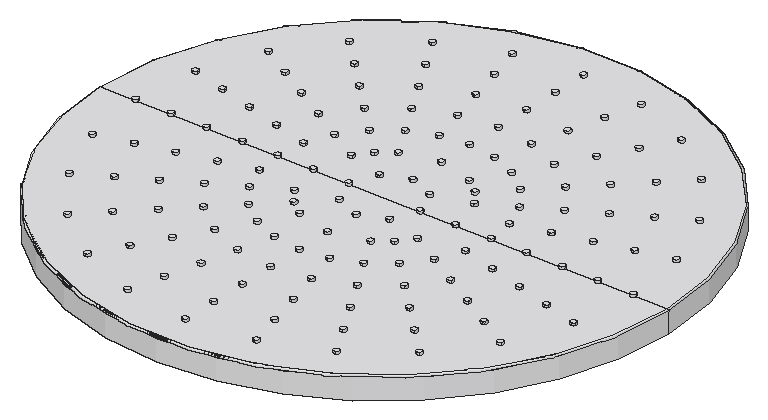
Revit family "Shower-Showerhead-KOHLER-Katalyst-13690W", category Plumbing Fixtures, host Face, Revit 2017 (continued)
Definition of nested family "13690W"
  Lines and regions (in)
    symbolic lines, detail levels medium+fine
      curve 271: arc (3.22344, -3.22344, 2.75) -> (3.22344, -3.14052, 2.75) -> (3.14052, -3.14052, 2.75) r 0.05864
      curve 272: arc (3.67085, -3.67085, 2.75) -> (3.67085, -3.75377, 2.75) -> (3.75377, -3.75377, 2.75) r 0.05864
      curve 273: arc (3.75377, -3.75377, 2.75) -> (3.75377, -3.67085, 2.75) -> (3.67085, -3.67085, 2.75) r 0.05864
      curve 274: arc (4.49585, -2.59568, 2.75) -> (4.51731, -2.67578, 2.75) -> (4.59742, -2.65432, 2.75) r 0.05864
      curve 275: arc (4.59742, -2.65432, 2.75) -> (4.57595, -2.57422, 2.75) -> (4.49585, -2.59568, 2.75) r 0.05864
      curve 276: arc (3.84633, -2.22068, 2.75) -> (3.8678, -2.30078, 2.75) -> (3.9479, -2.27932, 2.75) r 0.05864
      curve 277: arc (3.9479, -2.27932, 2.75) -> (3.92643, -2.19922, 2.75) -> (3.84633, -2.22068, 2.75) r 0.05864
      curve 278: arc (3.19681, -1.84568, 2.75) -> (3.21828, -1.92578, 2.75) -> (3.29838, -1.90432, 2.75) r 0.05864
      curve 279: arc (3.29838, -1.90432, 2.75) -> (3.27691, -1.82422, 2.75) -> (3.19681, -1.84568, 2.75) r 0.05864
      curve 280: arc (2.54729, -1.47068, 2.75) -> (2.56876, -1.55078, 2.75) -> (2.64886, -1.52932, 2.75) r 0.05864
      curve 281: arc (2.64886, -1.52932, 2.75) -> (2.6274, -1.44922, 2.75) -> (2.54729, -1.47068, 2.75) r 0.05864
      curve 282: arc (1.89777, -1.09568, 2.75) -> (1.91924, -1.17578, 2.75) -> (1.99934, -1.15432, 2.75) r 0.05864
      curve 283: arc (1.99934, -1.15432, 2.75) -> (1.97788, -1.07422, 2.75) -> (1.89777, -1.09568, 2.75) r 0.05864
      curve 284: arc (1.24826, -0.72068, 2.75) -> (1.26972, -0.80078, 2.75) -> (1.34982, -0.77932, 2.75) r 0.05864
      curve 285: arc (1.34982, -0.77932, 2.75) -> (1.32836, -0.69922, 2.75) -> (1.24826, -0.72068, 2.75) r 0.05864
      curve 286: arc (2.11669, -0.56717, 2.75) -> (2.15816, -0.63898, 2.75) -> (2.22997, -0.59752, 2.75) r 0.05864
      curve 287: arc (2.22997, -0.59752, 2.75) -> (2.18851, -0.5257, 2.75) -> (2.11669, -0.56717, 2.75) r 0.05864
      curve 288: arc (2.84114, -0.76128, 2.75) -> (2.8826, -0.8331, 2.75) -> (2.95442, -0.79163, 2.75) r 0.05864
      curve 289: arc (2.95442, -0.79163, 2.75) -> (2.91295, -0.71982, 2.75) -> (2.84114, -0.76128, 2.75) r 0.05864
      curve 290: arc (3.56558, -0.95539, 2.75) -> (3.60705, -1.02721, 2.75) -> (3.67886, -0.98575, 2.75) r 0.05864
      curve 291: arc (3.67886, -0.98575, 2.75) -> (3.6374, -0.91393, 2.75) -> (3.56558, -0.95539, 2.75) r 0.05864
      curve 292: arc (4.29003, -1.14951, 2.75) -> (4.33149, -1.22133, 2.75) -> (4.40331, -1.17986, 2.75) r 0.05864
      curve 293: arc (4.40331, -1.17986, 2.75) -> (4.36184, -1.10805, 2.75) -> (4.29003, -1.14951, 2.75) r 0.05864
      curve 294: arc (5.01447, -1.34362, 2.75) -> (5.05593, -1.41544, 2.75) -> (5.12775, -1.37398, 2.75) r 0.05864
      curve 295: arc (5.12775, -1.37398, 2.75) -> (5.08629, -1.30216, 2.75) -> (5.01447, -1.34362, 2.75) r 0.05864
      curve 296: arc (0.56717, 2.11669, 2.75) -> (0.5257, 2.18851, 2.75) -> (0.59752, 2.22997, 2.75) r 0.05864
      curve 297: arc (0.59752, 2.22997, 2.75) -> (0.63898, 2.15816, 2.75) -> (0.56717, 2.11669, 2.75) r 0.05864
      curve 298: arc (0.76128, 2.84114, 2.75) -> (0.71982, 2.91295, 2.75) -> (0.79163, 2.95442, 2.75) r 0.05864
      curve 299: arc (0.79163, 2.95442, 2.75) -> (0.8331, 2.8826, 2.75) -> (0.76128, 2.84114, 2.75) r 0.05864
      curve 300: arc (0.95539, 3.56558, 2.75) -> (0.91393, 3.6374, 2.75) -> (0.98575, 3.67886, 2.75) r 0.05864
      curve 301: arc (0.98575, 3.67886, 2.75) -> (1.02721, 3.60705, 2.75) -> (0.95539, 3.56558, 2.75) r 0.05864
      curve 302: arc (1.14951, 4.29003, 2.75) -> (1.10805, 4.36184, 2.75) -> (1.17986, 4.40331, 2.75) r 0.05864
      curve 303: arc (1.17986, 4.40331, 2.75) -> (1.22133, 4.33149, 2.75) -> (1.14951, 4.29003, 2.75) r 0.05864
      curve 304: arc (1.34362, 5.01447, 2.75) -> (1.30216, 5.08629, 2.75) -> (1.37398, 5.12775, 2.75) r 0.05864
      curve 305: arc (1.37398, 5.12775, 2.75) -> (1.41544, 5.05593, 2.75) -> (1.34362, 5.01447, 2.75) r 0.05864
      curve 306: arc (2.59568, 4.49585, 2.75) -> (2.57422, 4.57595, 2.75) -> (2.65432, 4.59742, 2.75) r 0.05864
      curve 307: arc (2.65432, 4.59742, 2.75) -> (2.67578, 4.51731, 2.75) -> (2.59568, 4.49585, 2.75) r 0.05864
      curve 308: arc (2.22068, 3.84633, 2.75) -> (2.19922, 3.92643, 2.75) -> (2.27932, 3.9479, 2.75) r 0.05864
      curve 309: arc (2.27932, 3.9479, 2.75) -> (2.30078, 3.8678, 2.75) -> (2.22068, 3.84633, 2.75) r 0.05864
      curve 310: arc (1.84568, 3.19681, 2.75) -> (1.82422, 3.27691, 2.75) -> (1.90432, 3.29838, 2.75) r 0.05864
      curve 311: arc (1.90432, 3.29838, 2.75) -> (1.92578, 3.21828, 2.75) -> (1.84568, 3.19681, 2.75) r 0.05864
      curve 312: arc (1.47068, 2.54729, 2.75) -> (1.44922, 2.6274, 2.75) -> (1.52932, 2.64886, 2.75) r 0.05864
      curve 313: arc (1.52932, 2.64886, 2.75) -> (1.55078, 2.56876, 2.75) -> (1.47068, 2.54729, 2.75) r 0.05864
      curve 314: arc (1.09568, 1.89777, 2.75) -> (1.07422, 1.97788, 2.75) -> (1.15432, 1.99934, 2.75) r 0.05864
      curve 315: arc (1.15432, 1.99934, 2.75) -> (1.17578, 1.91924, 2.75) -> (1.09568, 1.89777, 2.75) r 0.05864
      curve 316: arc (0.72068, 1.24826, 2.75) -> (0.69922, 1.32836, 2.75) -> (0.77932, 1.34982, 2.75) r 0.05864
      curve 317: arc (0.77932, 1.34982, 2.75) -> (0.80078, 1.26972, 2.75) -> (0.72068, 1.24826, 2.75) r 0.05864
      curve 318: arc (0.48887, 0.48887, 2.75) -> (0.48887, 0.57179, 2.75) -> (0.57179, 0.57179, 2.75) r 0.05864
      curve 319: arc (0.57179, 0.57179, 2.75) -> (0.57179, 0.48887, 2.75) -> (0.48887, 0.48887, 2.75) r 0.05864
      curve 320: arc (1.0192, 1.0192, 2.75) -> (1.0192, 1.10212, 2.75) -> (1.10212, 1.10212, 2.75) r 0.05864
      curve 321: arc (1.10212, 1.10212, 2.75) -> (1.10212, 1.0192, 2.75) -> (1.0192, 1.0192, 2.75) r 0.05864
      curve 322: arc (1.54953, 1.54953, 2.75) -> (1.54953, 1.63245, 2.75) -> (1.63245, 1.63245, 2.75) r 0.05864
      curve 323: arc (1.63245, 1.63245, 2.75) -> (1.63245, 1.54953, 2.75) -> (1.54953, 1.54953, 2.75) r 0.05864
      curve 324: arc (2.07986, 2.07986, 2.75) -> (2.07986, 2.16278, 2.75) -> (2.16278, 2.16278, 2.75) r 0.05864
      curve 325: arc (2.16278, 2.16278, 2.75) -> (2.16278, 2.07986, 2.75) -> (2.07986, 2.07986, 2.75) r 0.05864
      curve 326: arc (2.61019, 2.61019, 2.75) -> (2.61019, 2.69311, 2.75) -> (2.69311, 2.69311, 2.75) r 0.05864
      curve 327: arc (2.69311, 2.69311, 2.75) -> (2.69311, 2.61019, 2.75) -> (2.61019, 2.61019, 2.75) r 0.05864
      curve 328: arc (3.14052, 3.14052, 2.75) -> (3.14052, 3.22344, 2.75) -> (3.22344, 3.22344, 2.75) r 0.05864
      curve 329: arc (3.22344, 3.22344, 2.75) -> (3.22344, 3.14052, 2.75) -> (3.14052, 3.14052, 2.75) r 0.05864
      curve 330: arc (3.67085, 3.67085, 2.75) -> (3.67085, 3.75377, 2.75) -> (3.75377, 3.75377, 2.75) r 0.05864
      curve 331: arc (3.75377, 3.75377, 2.75) -> (3.75377, 3.67085, 2.75) -> (3.67085, 3.67085, 2.75) r 0.05864
      curve 332: arc (4.49585, 2.59568, 2.75) -> (4.51731, 2.67578, 2.75) -> (4.59742, 2.65432, 2.75) r 0.05864
      curve 333: arc (4.59742, 2.65432, 2.75) -> (4.57595, 2.57422, 2.75) -> (4.49585, 2.59568, 2.75) r 0.05864
      curve 334: arc (3.84633, 2.22068, 2.75) -> (3.8678, 2.30078, 2.75) -> (3.9479, 2.27932, 2.75) r 0.05864
      curve 335: arc (3.9479, 2.27932, 2.75) -> (3.92643, 2.19922, 2.75) -> (3.84633, 2.22068, 2.75) r 0.05864
      curve 336: arc (3.19681, 1.84568, 2.75) -> (3.21828, 1.92578, 2.75) -> (3.29838, 1.90432, 2.75) r 0.05864
      curve 337: arc (3.29838, 1.90432, 2.75) -> (3.27691, 1.82422, 2.75) -> (3.19681, 1.84568, 2.75) r 0.05864
      curve 338: arc (2.54729, 1.47068, 2.75) -> (2.56876, 1.55078, 2.75) -> (2.64886, 1.52932, 2.75) r 0.05864
      curve 339: arc (2.64886, 1.52932, 2.75) -> (2.6274, 1.44922, 2.75) -> (2.54729, 1.47068, 2.75) r 0.05864
      curve 340: arc (1.89777, 1.09568, 2.75) -> (1.91924, 1.17578, 2.75) -> (1.99934, 1.15432, 2.75) r 0.05864
      curve 341: arc (1.99934, 1.15432, 2.75) -> (1.97788, 1.07422, 2.75) -> (1.89777, 1.09568, 2.75) r 0.05864
      curve 342: arc (1.24826, 0.72068, 2.75) -> (1.26972, 0.80078, 2.75) -> (1.34982, 0.77932, 2.75) r 0.05864
      curve 343: arc (1.34982, 0.77932, 2.75) -> (1.32836, 0.69922, 2.75) -> (1.24826, 0.72068, 2.75) r 0.05864
      curve 344: arc (2.11669, 0.56717, 2.75) -> (2.15816, 0.63898, 2.75) -> (2.22997, 0.59752, 2.75) r 0.05864
      curve 345: arc (2.22997, 0.59752, 2.75) -> (2.18851, 0.5257, 2.75) -> (2.11669, 0.56717, 2.75) r 0.05864
      curve 346: arc (2.84114, 0.76128, 2.75) -> (2.8826, 0.8331, 2.75) -> (2.95442, 0.79163, 2.75) r 0.05864
      curve 347: arc (2.95442, 0.79163, 2.75) -> (2.91295, 0.71982, 2.75) -> (2.84114, 0.76128, 2.75) r 0.05864
      curve 348: arc (3.56558, 0.95539, 2.75) -> (3.60705, 1.02721, 2.75) -> (3.67886, 0.98575, 2.75) r 0.05864
      curve 349: arc (3.67886, 0.98575, 2.75) -> (3.6374, 0.91393, 2.75) -> (3.56558, 0.95539, 2.75) r 0.05864
      curve 350: arc (4.29003, 1.14951, 2.75) -> (4.33149, 1.22133, 2.75) -> (4.40331, 1.17986, 2.75) r 0.05864
      curve 351: arc (4.40331, 1.17986, 2.75) -> (4.36184, 1.10805, 2.75) -> (4.29003, 1.14951, 2.75) r 0.05864
      curve 352: arc (5.01447, 1.34362, 2.75) -> (5.05593, 1.41544, 2.75) -> (5.12775, 1.37398, 2.75) r 0.05864
      curve 353: arc (5.12775, 1.37398, 2.75) -> (5.08629, 1.30216, 2.75) -> (5.01447, 1.34362, 2.75) r 0.05864
      curve 354: line (0.05864, 0, 2.71692) -> (0, 0, 2.71692)
      curve 355: line (-5.30864, 0, 2.71692) -> (-5.19136, 0, 2.71692)
      curve 356: line (-5.12975, 0, 2.71692) -> (-5.01247, 0, 2.71692)
      curve 357: line (-4.60527, 0, 2.71692) -> (-4.44136, 0, 2.71692)
      curve 358: line (-4.4053, 0, 2.71692) -> (-4.29003, 0, 2.71692)
      curve 359: line (-3.83848, 0, 2.71692) -> (-3.95575, 0, 2.71692)
      curve 360: line (-3.77095, 0, 2.71692) -> (-3.56358, 0, 2.71692)
      curve 361: line (-3.12334, 0, 2.71692) -> (-3.30623, 0, 2.71692)
      curve 362: line (-2.53944, 0, 2.71692) -> (-2.71029, 0, 2.71692)
      curve 363: line (-2.06268, 0, 2.71692) -> (-2.30864, 0, 2.71692)
      curve 364: line (-1.81636, 0, 2.71692) -> (-2.0072, 0, 2.71692)
      curve 365: line (-1.44136, 0, 2.71692) -> (-1.64963, 0, 2.71692)
      curve 366: line (-1.40688, 0, 2.71692) -> (-1.2404, 0, 2.71692)
      curve 367: line (-1.06636, 0, 2.71692) -> (-1.20626, 0, 2.71692)
      curve 368: line (-0.91193, 0, 2.71692) -> (-1.02921, 0, 2.71692)
      curve 369: line (-0.8351, 0, 2.71692) -> (-0.69136, 0, 2.71692)
      curve 370: line (-0.64098, 0, 2.71692) -> (-0.47169, 0, 2.71692)
      curve 371: line (-0.05864, 0, 2.71692) -> (0, 0, 2.71692)
      curve 372: line (0, 0.68982, 1.66964) -> (0, -0.68982, 1.66964)
      curve 373: line (0, 0.72059, 2.24404) -> (0, -0.72059, 2.24404)
      curve 374: line (0, 5.30864, 2.71692) -> (0, 5.19136, 2.71692)
      curve 375: line (0, 5.12775, 2.71692) -> (0, 5.01247, 2.71692)
      curve 376: line (0, 4.60527, 2.71692) -> (0, 4.44136, 2.71692)
      curve 377: line (0, 4.4053, 2.71692) -> (0, 4.28803, 2.71692)
      curve 378: line (0, 3.95575, 2.71692) -> (0, 3.83848, 2.71692)
      curve 379: line (0, 3.77095, 2.71692) -> (0, 3.56358, 2.71692)
      curve 380: line (0, 3.30623, 2.71692) -> (0, 3.12334, 2.71692)
      curve 381: line (0, 3.05864, 2.71692) -> (0, 2.83914, 2.71692)
      curve 382: line (0, 2.71029, 2.71692) -> (0, 2.53944, 2.71692)
      curve 383: line (0, 2.06268, 2.71692) -> (0, 2.30864, 2.71692)
      curve 384: line (0, 2.0072, 2.71692) -> (0, 1.81636, 2.71692)
      curve 385: line (0, 1.64963, 2.71692) -> (0, 1.44136, 2.71692)
      curve 386: line (0, 1.2404, 2.71692) -> (0, 1.40688, 2.71692)
      curve 387: line (0, 1.20626, 2.71692) -> (0, 1.06636, 2.71692)
      curve 388: line (0, 1.02921, 2.71692) -> (0, 0.91193, 2.71692)
      curve 389: line (0, 0.8351, 2.71692) -> (0, 0.69136, 2.71692)
      curve 390: line (0, 0.64098, 2.71692) -> (0, 0.47169, 2.71692)
      curve 391: line (0, 0.05864, 2.71692) -> (0, 0, 2.71692)
      curve 392: line (0, -0.05864, 2.71692) -> (0, 0, 2.71692)
      curve 393: line (-3.05864, 0, 2.71692) -> (-2.83914, 0, 2.71692)
      curve 394: line (-4.55864, 0, 2.75) -> (-4.55864, 0, 2.71692)
      curve 395: line (-4.48799, 0, 2.75) -> (-4.48799, 0, 2.71692)
      curve 396: line (-3.69136, 0, 2.75) -> (-3.69136, 0, 2.71692)
      curve 397: line (-3.68086, 0, 2.75) -> (-3.68086, 0, 2.71692)
      curve 398: line (-3.65367, 0, 2.75) -> (-3.65367, 0, 2.71692)
      curve 399: line (-3.24062, 0, 2.75) -> (-3.24062, 0, 2.71692)
      curve 400: line (-3.18896, 0, 2.75) -> (-3.18896, 0, 2.71692)
      curve 401: line (-2.95642, 0, 2.75) -> (-2.95642, 0, 2.71692)
      curve 402: line (-2.94136, 0, 2.75) -> (-2.94136, 0, 2.71692)
      curve 403: line (-2.68364, 0, 2.75) -> (-2.68364, 0, 2.71692)
      curve 404: line (-2.65671, 0, 2.75) -> (-2.65671, 0, 2.71692)
      curve 405: line (-2.59301, 0, 2.75) -> (-2.59301, 0, 2.71692)
      curve 406: line (-2.56636, 0, 2.75) -> (-2.56636, 0, 2.71692)
      curve 407: line (-2.23197, 0, 2.75) -> (-2.23197, 0, 2.71692)
      curve 408: line (-2.19136, 0, 2.75) -> (-2.19136, 0, 2.71692)
      curve 409: line (-2.17996, 0, 2.75) -> (-2.17996, 0, 2.71692)
      curve 410: line (-2.11469, 0, 2.75) -> (-2.11469, 0, 2.71692)
      curve 411: line (-1.93364, 0, 2.75) -> (-1.93364, 0, 2.71692)
      curve 412: line (-1.88992, 0, 2.75) -> (-1.88992, 0, 2.71692)
      curve 413: line (-1.55864, 0, 2.75) -> (-1.55864, 0, 2.71692)
      curve 414: line (-1.53235, 0, 2.75) -> (-1.53235, 0, 2.71692)
      curve 415: line (-1.35768, 0, 2.75) -> (-1.35768, 0, 2.71692)
      curve 416: line (-1.30016, 0, 2.75) -> (-1.30016, 0, 2.71692)
      curve 417: line (-1.10605, 0, 2.75) -> (-1.10605, 0, 2.71692)
      curve 418: line (-1.1193, 0, 2.75) -> (-1.1193, 0, 2.71692)
      curve 419: line (-1.00202, 0, 2.75) -> (-1.00202, 0, 2.71692)
      curve 420: line (-0.80864, 0, 2.75) -> (-0.80864, 0, 2.71692)
      curve 421: line (-0.71782, 0, 2.75) -> (-0.71782, 0, 2.71692)
      curve 422: line (-0.58897, 0, 2.75) -> (-0.58897, 0, 2.71692)
      curve 423: line (-0.5237, 0, 2.75) -> (-0.5237, 0, 2.71692)
      curve 424: line (5.30864, 0, 2.71692) -> (5.19136, 0, 2.71692)
      curve 425: line (5.12975, 0, 2.71692) -> (5.01247, 0, 2.71692)
      curve 426: line (4.60527, 0, 2.71692) -> (4.44136, 0, 2.71692)
      curve 427: line (4.4053, 0, 2.71692) -> (4.29003, 0, 2.71692)
      curve 428: line (3.83848, 0, 2.71692) -> (3.95575, 0, 2.71692)
      curve 429: line (3.77095, 0, 2.71692) -> (3.56358, 0, 2.71692)
      curve 430: line (3.12334, 0, 2.71692) -> (3.30623, 0, 2.71692)
      curve 431: line (2.53944, 0, 2.71692) -> (2.71029, 0, 2.71692)
      curve 432: line (2.06268, 0, 2.71692) -> (2.30864, 0, 2.71692)
      curve 433: line (1.81636, 0, 2.71692) -> (2.0072, 0, 2.71692)
      curve 434: line (1.44136, 0, 2.71692) -> (1.64963, 0, 2.71692)
      curve 435: line (1.40688, 0, 2.71692) -> (1.2404, 0, 2.71692)
      curve 436: line (1.06636, 0, 2.71692) -> (1.20626, 0, 2.71692)
      curve 437: line (0.91193, 0, 2.71692) -> (1.02921, 0, 2.71692)
      curve 438: line (0.8351, 0, 2.71692) -> (0.69136, 0, 2.71692)
      curve 439: line (0.64098, 0, 2.71692) -> (0.47169, 0, 2.71692)
      curve 440: line (3.05864, 0, 2.71692) -> (2.83914, 0, 2.71692)
      curve 441: line (4.55864, 0, 2.75) -> (4.55864, 0, 2.71692)
      curve 442: line (4.48799, 0, 2.75) -> (4.48799, 0, 2.71692)
      curve 443: line (3.69136, 0, 2.75) -> (3.69136, 0, 2.71692)
      curve 444: line (3.68086, 0, 2.75) -> (3.68086, 0, 2.71692)
      curve 445: line (3.65367, 0, 2.75) -> (3.65367, 0, 2.71692)
      curve 446: line (3.24062, 0, 2.75) -> (3.24062, 0, 2.71692)
      curve 447: line (3.18896, 0, 2.75) -> (3.18896, 0, 2.71692)
      curve 448: line (2.95642, 0, 2.75) -> (2.95642, 0, 2.71692)
      curve 449: line (2.94136, 0, 2.75) -> (2.94136, 0, 2.71692)
      curve 450: line (2.68364, 0, 2.75) -> (2.68364, 0, 2.71692)
      curve 451: line (2.65671, 0, 2.75) -> (2.65671, 0, 2.71692)
      curve 452: line (2.59301, 0, 2.75) -> (2.59301, 0, 2.71692)
      curve 453: line (2.56636, 0, 2.75) -> (2.56636, 0, 2.71692)
      curve 454: line (2.23197, 0, 2.75) -> (2.23197, 0, 2.71692)
      curve 455: line (2.19136, 0, 2.75) -> (2.19136, 0, 2.71692)
      curve 456: line (2.17996, 0, 2.75) -> (2.17996, 0, 2.71692)
      curve 457: line (2.11469, 0, 2.75) -> (2.11469, 0, 2.71692)
      curve 458: line (1.93364, 0, 2.75) -> (1.93364, 0, 2.71692)
      curve 459: line (1.88992, 0, 2.75) -> (1.88992, 0, 2.71692)
      curve 460: line (1.55864, 0, 2.75) -> (1.55864, 0, 2.71692)
      curve 461: line (1.53235, 0, 2.75) -> (1.53235, 0, 2.71692)
      curve 462: line (1.35768, 0, 2.75) -> (1.35768, 0, 2.71692)
      curve 463: line (1.30016, 0, 2.75) -> (1.30016, 0, 2.71692)
      curve 464: line (1.10605, 0, 2.75) -> (1.10605, 0, 2.71692)
      curve 465: line (1.1193, 0, 2.75) -> (1.1193, 0, 2.71692)
      curve 466: line (1.00202, 0, 2.75) -> (1.00202, 0, 2.71692)
      curve 467: line (0.80864, 0, 2.75) -> (0.80864, 0, 2.71692)
      curve 468: line (0.71782, 0, 2.75) -> (0.71782, 0, 2.71692)
      curve 469: line (0.58897, 0, 2.75) -> (0.58897, 0, 2.71692)
      curve 470: line (0.5237, 0, 2.75) -> (0.5237, 0, 2.71692)
      curve 471: line (0, 4.55864, 2.75) -> (0, 4.55864, 2.71692)
      curve 472: line (0, 4.48799, 2.75) -> (0, 4.48799, 2.71692)
      curve 473: line (0, 3.69136, 2.75) -> (0, 3.69136, 2.71692)
      curve 474: line (0, 3.68086, 2.75) -> (0, 3.68086, 2.71692)
      curve 475: line (0, 3.65367, 2.75) -> (0, 3.65367, 2.71692)
      curve 476: line (0, 3.24062, 2.75) -> (0, 3.24062, 2.71692)
      curve 477: line (0, 3.18896, 2.75) -> (0, 3.18896, 2.71692)
      curve 478: line (0, 2.95642, 2.75) -> (0, 2.95642, 2.71692)
      curve 479: line (0, 2.94136, 2.75) -> (0, 2.94136, 2.71692)
      curve 480: line (0, 2.68364, 2.75) -> (0, 2.68364, 2.71692)
      curve 481: line (0, 2.65671, 2.75) -> (0, 2.65671, 2.71692)
      curve 482: line (0, 2.59301, 2.75) -> (0, 2.59301, 2.71692)
      curve 483: line (0, 2.56636, 2.75) -> (0, 2.56636, 2.71692)
      curve 484: line (0, 2.23197, 2.75) -> (0, 2.23197, 2.71692)
      curve 485: line (0, 2.19136, 2.75) -> (0, 2.19136, 2.71692)
      curve 486: line (0, 2.17996, 2.75) -> (0, 2.17996, 2.71692)
      curve 487: line (0, 2.11469, 2.75) -> (0, 2.11469, 2.71692)
      curve 488: line (0, 1.93364, 2.75) -> (0, 1.93364, 2.71692)
      curve 489: line (0, 1.88992, 2.75) -> (0, 1.88992, 2.71692)
      curve 490: line (0, 1.55864, 2.75) -> (0, 1.55864, 2.71692)
      curve 491: line (0, 1.53235, 2.75) -> (0, 1.53235, 2.71692)
      curve 492: line (0, 1.35768, 2.75) -> (0, 1.35768, 2.71692)
      curve 493: line (0, 1.30016, 2.75) -> (0, 1.30016, 2.71692)
      curve 494: line (0, 1.18364, 2.75) -> (0, 1.18364, 2.71692)
      curve 495: line (0, 1.1193, 2.75) -> (0, 1.1193, 2.71692)
      curve 496: line (0, 1.10605, 2.75) -> (0, 1.10605, 2.71692)
      curve 497: line (0, 1.00202, 2.75) -> (0, 1.00202, 2.71692)
      curve 498: line (0, 0.80864, 2.75) -> (0, 0.80864, 2.71692)
      curve 499: line (0, 0.71782, 2.75) -> (0, 0.71782, 2.71692)
      curve 500: line (0, 0.58897, 2.75) -> (0, 0.58897, 2.71692)
      curve 501: line (0, 0.5237, 2.75) -> (0, 0.5237, 2.71692)
      curve 502: line (0, -5.30864, 2.71692) -> (0, -5.19136, 2.71692)
      curve 503: line (0, -5.12775, 2.71692) -> (0, -5.01247, 2.71692)
      curve 504: line (0, -4.60527, 2.71692) -> (0, -4.44136, 2.71692)
      curve 505: line (0, -4.4053, 2.71692) -> (0, -4.28803, 2.71692)
      curve 506: line (0, -3.95575, 2.71692) -> (0, -3.83848, 2.71692)
      curve 507: line (0, -3.77095, 2.71692) -> (0, -3.56358, 2.71692)
      curve 508: line (0, -3.30623, 2.71692) -> (0, -3.12334, 2.71692)
      curve 509: line (0, -3.05864, 2.71692) -> (0, -2.83914, 2.71692)
      curve 510: line (0, -2.71029, 2.71692) -> (0, -2.53944, 2.71692)
      curve 511: line (0, -2.06268, 2.71692) -> (0, -2.30864, 2.71692)
      curve 512: line (0, -2.0072, 2.71692) -> (0, -1.81636, 2.71692)
      curve 513: line (0, -1.64963, 2.71692) -> (0, -1.44136, 2.71692)
      curve 514: line (0, -1.2404, 2.71692) -> (0, -1.40688, 2.71692)
      curve 515: line (0, -1.20626, 2.71692) -> (0, -1.06636, 2.71692)
      curve 516: line (0, -1.02921, 2.71692) -> (0, -0.91193, 2.71692)
      curve 517: line (0, -0.8351, 2.71692) -> (0, -0.69136, 2.71692)
      curve 518: line (0, -0.64098, 2.71692) -> (0, -0.47169, 2.71692)
      curve 519: line (0, -4.55864, 2.75) -> (0, -4.55864, 2.71692)
      curve 520: line (0, -4.48799, 2.75) -> (0, -4.48799, 2.71692)
      curve 521: line (0, -3.69136, 2.75) -> (0, -3.69136, 2.71692)
      curve 522: line (0, -3.68086, 2.75) -> (0, -3.68086, 2.71692)
      curve 523: line (0, -3.65367, 2.75) -> (0, -3.65367, 2.71692)
      curve 524: line (0, -3.24062, 2.75) -> (0, -3.24062, 2.71692)
      curve 525: line (0, -3.18896, 2.75) -> (0, -3.18896, 2.71692)
      curve 526: line (0, -2.95642, 2.75) -> (0, -2.95642, 2.71692)
      curve 527: line (0, -2.94136, 2.75) -> (0, -2.94136, 2.71692)
      curve 528: line (0, -2.68364, 2.75) -> (0, -2.68364, 2.71692)
      curve 529: line (0, -2.65671, 2.75) -> (0, -2.65671, 2.71692)
      curve 530: line (0, -2.59301, 2.75) -> (0, -2.59301, 2.71692)
      curve 531: line (0, -2.56636, 2.75) -> (0, -2.56636, 2.71692)
      curve 532: line (0, -2.23197, 2.75) -> (0, -2.23197, 2.71692)
      curve 533: line (0, -2.19136, 2.75) -> (0, -2.19136, 2.71692)
      curve 534: line (0, -2.17996, 2.75) -> (0, -2.17996, 2.71692)
      curve 535: line (0, -2.11469, 2.75) -> (0, -2.11469, 2.71692)
      curve 536: line (0, -1.93364, 2.75) -> (0, -1.93364, 2.71692)
      curve 537: line (0, -1.88992, 2.75) -> (0, -1.88992, 2.71692)
      curve 538: line (0, -1.55864, 2.75) -> (0, -1.55864, 2.71692)
      curve 539: line (0, -1.53235, 2.75) -> (0, -1.53235, 2.71692)
      curve 540: line (0, -1.35768, 2.75) -> (0, -1.35768, 2.71692)
      curve 541: line (0, -1.30016, 2.75) -> (0, -1.30016, 2.71692)
      curve 542: line (0, -1.18364, 2.75) -> (0, -1.18364, 2.71692)
      curve 543: line (0, -1.1193, 2.75) -> (0, -1.1193, 2.71692)
      curve 544: line (0, -1.10605, 2.75) -> (0, -1.10605, 2.71692)
      curve 545: line (0, -1.00202, 2.75) -> (0, -1.00202, 2.71692)
      curve 546: line (0, -0.80864, 2.75) -> (0, -0.80864, 2.71692)
      curve 547: line (0, -0.71782, 2.75) -> (0, -0.71782, 2.71692)
      curve 548: line (0, -0.58897, 2.75) -> (0, -0.58897, 2.71692)
      curve 549: line (0, -0.5237, 2.75) -> (0, -0.5237, 2.71692)
      curve 550: line (-0.17084, 0, 0.75212) -> (0.17084, 0, 0.75212)
      curve 551: line (0.17084, 0, 0.75212) -> (0.17084, 0, 0.17428)
      curve 552: line (-0.17084, 0, 0.17428) -> (-0.17084, 0, 0.75212)
  Dimensions and locks (in)
    equal spacing: plane 4 "Left", plane 3 "Center (Left/Right)", plane 5 "Right"
    equal spacing: plane 6 "Top", plane 1 "Center (Front/Back)", plane 7 "Bottom"
    plane 4 "Left" to plane 5 "Right" = 12"
    plane 6 "Top" to plane 7 "Bottom" = 12"
    plane 8 "Front" to plane 2 "Back" = 2 3/4"
    plane 5 "Right" to plane 4 "Left" = 12"
    plane 8 "Front" to level = 2 3/4"
    aligned and locked: plane 2 "Back" to level
  Automatic sketch dimensions
    Masking region 2 sketch curve to Masking region 2 sketch curve = 0"  (x2)
    plane 1 "Center (Front/Back)" to Masking region 2 sketch curve = 0"
    Masking region 2 sketch curve to plane 4 "Left" = 0"
    Masking region 2 sketch curve to plane 3 "Center (Left/Right)" = 0"
    Extrusion 2 sketch curve to Extrusion 2 sketch curve = 0"  (x288)
    plane 1 "Center (Front/Back)" to Extrusion 2 sketch curve = 0"  (x14)
    Extrusion 2 sketch curve to plane 3 "Center (Left/Right)" = 0"  (x14)
    plane 3 "Center (Left/Right)" to Extrusion 2 sketch curve = 0.48887"  (x2)
    Extrusion 2 sketch curve to Extrusion 2 sketch curve = 0.04146"  (x84)
    plane 3 "Center (Left/Right)" to Extrusion 2 sketch curve = 0.56717"  (x2)
    Extrusion 2 sketch curve to Extrusion 2 sketch curve = 0.01518"  (x60)
    Extrusion 2 sketch curve to Extrusion 2 sketch curve = 0.2025"  (x4)
    Extrusion 2 sketch curve to Extrusion 2 sketch curve = 0.14889"  (x8)
    Extrusion 2 sketch curve to Extrusion 2 sketch curve = 0.02932"  (x72)
    Extrusion 2 sketch curve to Extrusion 2 sketch curve = 0.05864"  (x28)
    Extrusion 2 sketch curve to Extrusion 2 sketch curve = 0.16376"  (x32)
    Extrusion 2 sketch curve to Extrusion 2 sketch curve = 0.29852"  (x8)
    Extrusion 2 sketch curve to Extrusion 2 sketch curve = 0.52851"  (x8)
    Extrusion 2 sketch curve to Extrusion 2 sketch curve = 0.22906"  (x8)
    Extrusion 2 sketch curve to Extrusion 2 sketch curve = 13/256"  (x72)
    Extrusion 2 sketch curve to Extrusion 2 sketch curve = 0.63272"  (x20)
    Extrusion 2 sketch curve to Extrusion 2 sketch curve = 0.31636"  (x32)
    Extrusion 2 sketch curve to Extrusion 2 sketch curve = 0.45385"  (x8)
    Extrusion 2 sketch curve to Extrusion 2 sketch curve = 0.34825"  (x8)
    Extrusion 2 sketch curve to Extrusion 2 sketch curve = 0.4474"  (x32)
    Extrusion 2 sketch curve to Extrusion 2 sketch curve = 0.21892"  (x8)
    Extrusion 2 sketch curve to Extrusion 2 sketch curve = 0.05664"  (x60)
    Extrusion 2 sketch curve to Extrusion 2 sketch curve = 0.07467"  (x4)
    Extrusion 2 sketch curve to Extrusion 2 sketch curve = 0.54795"  (x32)
    Extrusion 2 sketch curve to Extrusion 2 sketch curve = 0.61116"  (x32)
    Extrusion 2 sketch curve to plane 3 "Center (Left/Right)" = 0.48887"  (x2)
    Extrusion 2 sketch curve to plane 3 "Center (Left/Right)" = 0.56717"  (x2)
    Extrusion 2 sketch curve to plane 1 "Center (Front/Back)" = 0.48887"  (x2)
    Extrusion 2 sketch curve to plane 1 "Center (Front/Back)" = 0.56717"  (x2)
    plane 1 "Center (Front/Back)" to Extrusion 2 sketch curve = 0.48887"  (x2)
    plane 1 "Center (Front/Back)" to Extrusion 2 sketch curve = 0.56717"  (x2)
    curve 10 to curve 66 = 0"
    curve 11 to curve 67 = 0"  (x2)
    curve 12 to curve 68 = 0"
    curve 13 to curve 69 = 0"
    curve 14 to curve 70 = 0"
    curve 14 to curve 71 = 0"
    curve 16 to curve 72 = 0"
    curve 16 to curve 73 = 0"
    curve 18 to curve 74 = 0"  (x2)
    curve 20 to curve 76 = 0"  (x2)
    curve 22 to curve 78 = 0"
    curve 22 to curve 79 = 0"
    curve 24 to curve 80 = 0"
    curve 24 to curve 81 = 0"
    curve 26 to curve 82 = 0"  (x2)
    curve 28 to curve 84 = 0"  (x2)
    curve 29 to curve 85 = 0"
    curve 30 to curve 86 = 0"  (x2)
    curve 32 to curve 88 = 0"
    curve 33 to curve 89 = 0"  (x2)
    curve 34 to curve 90 = 0"  (x2)
    curve 36 to curve 92 = 0"  (x2)
    curve 36 to curve 93 = 0"
    curve 38 to curve 94 = 0"
    curve 39 to curve 95 = 0"
    curve 40 to curve 96 = 0"  (x2)
    curve 41 to curve 97 = 0"
    curve 42 to curve 98 = 0"
    curve 43 to curve 99 = 0"
    curve 44 to curve 100 = 0"  (x2)
    curve 45 to curve 101 = 0"
    curve 46 to curve 102 = 0"
    curve 47 to curve 102 = 0"
    curve 48 to curve 104 = 0"
    curve 50 to curve 106 = 0"  (x3)
    curve 54 to curve 110 = 0"  (x4)
    curve 56 to curve 113 = 0"
    curve 57 to curve 113 = 0"
    curve 58 to curve 115 = 0"  (x2)
    curve 60 to curve 116 = 0"  (x2)
    curve 63 to curve 119 = 0"  (x3)
    curve 64 to curve 120 = 0"
    curve 65 to curve 120 = 0"
    curve 122 to curve 123 = 0"
    curve 124 to curve 125 = 0"
    curve 126 to curve 127 = 0"
    curve 128 to curve 129 = 0"
    curve 130 to curve 131 = 0"
    curve 132 to curve 133 = 0"
    curve 134 to curve 135 = 0"
    curve 136 to curve 137 = 0"
    curve 138 to curve 139 = 0"
    curve 140 to curve 141 = 0"
    curve 142 to curve 143 = 0"
    curve 144 to curve 145 = 0"
    curve 146 to curve 147 = 0"
    curve 148 to curve 149 = 0"
    curve 150 to curve 151 = 0"
    curve 152 to curve 153 = 0"
    curve 154 to curve 155 = 0"
    curve 156 to curve 157 = 0"
    curve 158 to curve 159 = 0"
    curve 160 to curve 161 = 0"
    curve 162 to curve 163 = 0"
    curve 164 to curve 165 = 0"
    curve 166 to curve 167 = 0"
    curve 168 to curve 169 = 0"
    curve 170 to curve 171 = 0"
    curve 172 to curve 173 = 0"
    curve 174 to curve 175 = 0"
    curve 176 to curve 177 = 0"
    curve 178 to curve 179 = 0"
    curve 180 to curve 181 = 0"
    curve 182 to curve 183 = 0"
    curve 184 to curve 185 = 0"
    curve 186 to curve 187 = 0"
    curve 188 to curve 189 = 0"
    curve 190 to curve 191 = 0"
    curve 192 to curve 193 = 0"
    curve 194 to curve 195 = 0"
    curve 196 to curve 197 = 0"
    curve 198 to curve 199 = 0"
    curve 200 to curve 201 = 0"
    curve 202 to curve 203 = 0"
    curve 204 to curve 205 = 0"
    curve 206 to curve 207 = 0"
    curve 208 to curve 209 = 0"
    curve 210 to curve 211 = 0"
    curve 212 to curve 213 = 0"
    curve 214 to curve 215 = 0"
    curve 216 to curve 217 = 0"
    curve 218 to curve 219 = 0"
    curve 220 to curve 221 = 0"
    curve 222 to curve 223 = 0"
    curve 224 to curve 225 = 0"
    curve 226 to curve 227 = 0"
    curve 228 to curve 229 = 0"
    curve 230 to curve 231 = 0"
    curve 232 to curve 233 = 0"
    curve 234 to curve 235 = 0"
    curve 236 to curve 237 = 0"
    curve 238 to curve 239 = 0"
    curve 240 to curve 241 = 0"
    curve 242 to curve 243 = 0"
    curve 244 to curve 245 = 0"
    curve 246 to curve 247 = 0"
    curve 248 to curve 249 = 0"
    curve 250 to curve 251 = 0"
    curve 252 to curve 253 = 0"
    curve 254 to curve 255 = 0"
    curve 256 to curve 257 = 0"
    curve 258 to curve 259 = 0"
    curve 260 to curve 261 = 0"
    curve 262 to curve 263 = 0"
    curve 264 to curve 265 = 0"
    curve 266 to curve 267 = 0"
    curve 268 to curve 269 = 0"
    curve 270 to curve 271 = 0"
    curve 272 to curve 273 = 0"
    curve 274 to curve 275 = 0"
    curve 276 to curve 277 = 0"
    curve 278 to curve 279 = 0"
    curve 280 to curve 281 = 0"
    curve 282 to curve 283 = 0"
    curve 284 to curve 285 = 0"
    curve 286 to curve 287 = 0"
    curve 288 to curve 289 = 0"
    curve 290 to curve 291 = 0"
    curve 292 to curve 293 = 0"
    curve 294 to curve 295 = 0"
    curve 296 to curve 297 = 0"
    curve 298 to curve 299 = 0"
    curve 300 to curve 301 = 0"
    curve 302 to curve 303 = 0"
    curve 304 to curve 305 = 0"
    curve 306 to curve 307 = 0"
    curve 308 to curve 309 = 0"
    curve 310 to curve 311 = 0"
    curve 312 to curve 313 = 0"
    curve 314 to curve 315 = 0"
    curve 316 to curve 317 = 0"
    curve 318 to curve 319 = 0"
    curve 320 to curve 321 = 0"
    curve 322 to curve 323 = 0"
    curve 324 to curve 325 = 0"
    curve 326 to curve 327 = 0"
    curve 328 to curve 329 = 0"
    curve 330 to curve 331 = 0"
    curve 332 to curve 333 = 0"
    curve 334 to curve 335 = 0"
    curve 336 to curve 337 = 0"
    curve 338 to curve 339 = 0"
    curve 340 to curve 341 = 0"
    curve 342 to curve 343 = 0"
    curve 344 to curve 345 = 0"
    curve 346 to curve 347 = 0"
    curve 348 to curve 349 = 0"
    curve 350 to curve 351 = 0"
    curve 352 to curve 353 = 0"
    plane 1 "Center (Front/Back)" to curve 38 = 0"
    plane 1 "Center (Front/Back)" to curve 97 = 0"
    plane 1 "Center (Front/Back)" to curve 43 = 0"
    plane 1 "Center (Front/Back)" to curve 44 = 0"
    plane 1 "Center (Front/Back)" to curve 103 = 0"
    plane 1 "Center (Front/Back)" to curve 104 = 0"
    plane 1 "Center (Front/Back)" to curve 50 = 0"
    curve 91 to plane 3 "Center (Left/Right)" = 0"
    curve 88 to plane 3 "Center (Left/Right)" = 0"
    curve 87 to plane 3 "Center (Left/Right)" = 0"
    curve 85 to plane 3 "Center (Left/Right)" = 0"
    curve 83 to plane 3 "Center (Left/Right)" = 0"
    curve 81 to plane 3 "Center (Left/Right)" = 0"
    curve 79 to plane 3 "Center (Left/Right)" = 0"
    curve 77 to plane 3 "Center (Left/Right)" = 0"
    curve 75 to plane 3 "Center (Left/Right)" = 0"
    curve 73 to plane 3 "Center (Left/Right)" = 0"
    curve 71 to plane 3 "Center (Left/Right)" = 0"
    curve 69 to plane 3 "Center (Left/Right)" = 0"
    curve 67 to plane 3 "Center (Left/Right)" = 0"
    curve 37 to plane 3 "Center (Left/Right)" = 0"
    plane 1 "Center (Front/Back)" to curve 52 = 0"
    plane 1 "Center (Front/Back)" to curve 111 = 0"
    plane 1 "Center (Front/Back)" to curve 112 = 0"
    plane 1 "Center (Front/Back)" to curve 115 = 0"
    plane 1 "Center (Front/Back)" to curve 117 = 0"
    plane 1 "Center (Front/Back)" to curve 119 = 0"
    plane 1 "Center (Front/Back)" to curve 64 = 0"
    plane 3 "Center (Left/Right)" to curve 319 = 0.48887"
    plane 3 "Center (Left/Right)" to curve 261 = 0.48887"
    curve 261 to curve 260 = 0.04146"  (x2)
    curve 318 to curve 318 = 0.04146"
    plane 3 "Center (Left/Right)" to curve 297 = 0.56717"
    plane 3 "Center (Left/Right)" to curve 239 = 0.56717"
    curve 319 to curve 319 = 0.04146"
    curve 296 to curve 296 = 0.01518"  (x2)
    curve 239 to curve 238 = 0.01518"
    curve 238 to curve 238 = 0.01518"
    curve 259 to curve 260 = 0.14889"
    curve 316 to curve 318 = 0.14889"
    curve 259 to curve 258 = 0.02932"  (x2)
    curve 107 to curve 50 = 0.05864"
    curve 317 to curve 316 = 0.02932"
    curve 298 to curve 297 = 0.16376"
    curve 240 to curve 239 = 0.16376"
    curve 240 to curve 240 = 0.01518"  (x2)
    curve 298 to curve 298 = 0.01518"
    curve 316 to curve 316 = 0.02932"
    curve 299 to curve 298 = 0.01518"
    curve 243 to curve 240 = 0.16376"
    curve 301 to curve 298 = 0.16376"
    curve 301 to curve 301 = 0.01518"
    curve 242 to curve 243 = 0.01518"
    curve 300 to curve 300 = 0.01518"
    curve 242 to curve 242 = 0.01518"
    curve 320 to curve 316 = 0.29852"
    curve 263 to curve 258 = 0.29852"
    curve 321 to curve 321 = 0.04146"
    curve 263 to curve 263 = 0.04146"
    curve 314 to curve 296 = 0.52851"
    curve 257 to curve 238 = 0.52851"
    curve 321 to curve 320 = 0.04146"
    curve 262 to curve 262 = 0.04146"
    curve 314 to curve 315 = 0.02932"
    curve 257 to curve 257 = 0.02932"
    curve 303 to curve 301 = 0.16376"
    curve 244 to curve 243 = 0.16376"
    curve 314 to curve 314 = 0.02932"
    curve 256 to curve 256 = 0.02932"
    curve 244 to curve 244 = 0.01518"
    curve 303 to curve 302 = 0.01518"
    curve 302 to curve 302 = 0.01518"
    curve 245 to curve 244 = 0.01518"
    curve 342 to curve 321 = 0.22906"
    curve 284 to curve 263 = 0.22906"
    curve 284 to curve 284 = 13/256"  (x2)
    curve 343 to curve 342 = 13/256"  (x2)
    curve 305 to curve 303 = 0.16376"
    curve 246 to curve 245 = 0.16376"
    curve 305 to curve 305 = 0.01518"
    curve 246 to curve 247 = 0.01518"
    curve 246 to curve 246 = 0.01518"
    curve 305 to curve 304 = 0.01518"
    curve 48 to curve 50 = 0.63272"
    curve 105 to curve 49 = 0"
    curve 312 to curve 314 = 0.31636"
    curve 255 to curve 256 = 0.31636"
    curve 49 to curve 48 = 0.05864"
    curve 312 to curve 313 = 0.02932"
    curve 255 to curve 255 = 0.02932"
    curve 312 to curve 312 = 0.02932"
    curve 255 to curve 254 = 0.02932"
    curve 264 to curve 257 = 0.45385"
    curve 322 to curve 315 = 0.45385"
    curve 323 to curve 322 = 0.04146"  (x2)
    curve 264 to curve 264 = 0.04146"  (x2)
    curve 265 to curve 264 = 0.04146"
    curve 253 to curve 254 = 0.31636"
    curve 311 to curve 313 = 0.31636"
    curve 253 to curve 252 = 0.02932"
    curve 311 to curve 310 = 0.02932"
    curve 341 to curve 322 = 0.34825"
    curve 282 to curve 264 = 0.34825"
    curve 252 to curve 252 = 0.02932"
    curve 310 to curve 310 = 0.02932"
    curve 341 to curve 340 = 13/256"  (x2)
    curve 283 to curve 282 = 13/256"  (x2)
    curve 324 to curve 322 = 0.4474"  (x2)
    curve 266 to curve 264 = 0.4474"
    curve 286 to curve 283 = 0.21892"
    curve 344 to curve 340 = 0.21892"
    curve 267 to curve 266 = 0.04146"  (x2)
    curve 325 to curve 324 = 0.04146"  (x2)
    curve 324 to curve 324 = 0.04146"
    curve 344 to curve 344 = 0.05664"
    curve 287 to curve 286 = 0.05664"  (x2)
    curve 46 to curve 286 = 0.07467"
    curve 102 to curve 46 = 0"
    curve 251 to curve 253 = 0.31636"
    curve 308 to curve 311 = 0.31636"
    curve 345 to curve 344 = 0.05664"
    curve 102 to curve 46 = 0.05864"
    curve 251 to curve 250 = 0.02932"
    curve 308 to curve 308 = 0.02932"  (x2)
    curve 250 to curve 250 = 0.02932"
    curve 339 to curve 341 = 0.54795"
    curve 280 to curve 283 = 0.54795"
    curve 306 to curve 309 = 0.31636"
    curve 249 to curve 251 = 0.31636"
    curve 281 to curve 281 = 13/256"
    curve 338 to curve 339 = 13/256"
    curve 326 to curve 324 = 0.4474"  (x2)
    curve 269 to curve 266 = 0.4474"
    curve 306 to curve 306 = 0.02932"  (x2)
    curve 248 to curve 248 = 0.02932"  (x2)
    curve 280 to curve 280 = 13/256"
    curve 339 to curve 338 = 13/256"
    curve 269 to curve 268 = 0.04146"  (x2)
    curve 326 to curve 326 = 0.04146"  (x3)
    curve 288 to curve 287 = 0.61116"
    curve 346 to curve 345 = 0.61116"
    curve 347 to curve 347 = 0.05664"
    curve 289 to curve 289 = 0.05664"
    curve 100 to curve 46 = 0.63272"
    curve 289 to curve 288 = 0.05664"
    curve 347 to curve 346 = 0.05664"
    curve 45 to curve 44 = 0.05864"
    curve 270 to curve 269 = 0.4474"
    curve 328 to curve 326 = 0.4474"  (x2)
    curve 329 to curve 328 = 0.04146"  (x2)
    curve 271 to curve 270 = 0.04146"  (x2)
    curve 337 to curve 339 = 0.54795"
    curve 278 to curve 280 = 0.54795"
    curve 336 to curve 336 = 13/256"
    curve 279 to curve 278 = 13/256"
    curve 278 to curve 278 = 13/256"
    curve 337 to curve 336 = 13/256"
    curve 348 to curve 346 = 0.61116"
    curve 290 to curve 288 = 0.61116"
    curve 348 to curve 349 = 0.05664"
    curve 290 to curve 291 = 0.05664"
    curve 330 to curve 328 = 0.4474"  (x2)
    curve 273 to curve 270 = 0.4474"
    curve 291 to curve 290 = 0.05664"
    curve 349 to curve 348 = 0.05664"
    curve 43 to curve 44 = 0.63272"
    curve 98 to curve 42 = 0"
    curve 330 to curve 330 = 0.04146"  (x2)
    curve 272 to curve 272 = 0.04146"
    curve 99 to curve 42 = 0.05864"
    curve 273 to curve 272 = 0.04146"
    curve 334 to curve 336 = 0.54795"
    curve 276 to curve 278 = 0.54795"
    curve 277 to curve 276 = 13/256"
    curve 335 to curve 334 = 13/256"
    curve 276 to curve 276 = 13/256"
    curve 334 to curve 334 = 13/256"
    curve 293 to curve 290 = 0.61116"
    curve 350 to curve 348 = 0.61116"
    curve 351 to curve 351 = 0.05664"
    curve 292 to curve 293 = 0.05664"
    curve 350 to curve 350 = 0.05664"
    curve 293 to curve 292 = 0.05664"
    curve 97 to curve 42 = 0.63272"
    curve 332 to curve 334 = 0.54795"
    curve 275 to curve 276 = 0.54795"
    curve 97 to curve 40 = 0.05864"
    curve 274 to curve 274 = 13/256"
    curve 333 to curve 332 = 13/256"
    curve 275 to curve 274 = 13/256"
    curve 332 to curve 332 = 13/256"
    curve 295 to curve 292 = 0.61116"
    curve 352 to curve 350 = 0.61116"
    curve 294 to curve 295 = 0.05664"
    curve 353 to curve 353 = 0.05664"
    curve 295 to curve 294 = 0.05664"
    curve 352 to curve 352 = 0.05664"
    curve 38 to curve 40 = 0.63272"
    curve 94 to curve 38 = 0"
    curve 38 to curve 38 = 0.05864"
    curve 145 to plane 3 "Center (Left/Right)" = 0.48887"
    curve 202 to plane 3 "Center (Left/Right)" = 0.48887"
    curve 202 to curve 202 = 0.04146"  (x2)
    curve 145 to curve 144 = 0.04146"
    curve 122 to plane 3 "Center (Left/Right)" = 0.56717"
    curve 181 to plane 3 "Center (Left/Right)" = 0.56717"
    curve 144 to curve 145 = 0.04146"  (x2)
    curve 202 to curve 203 = 0.04146"
    curve 122 to curve 123 = 0.01518"
    curve 180 to curve 181 = 0.01518"  (x2)
    curve 122 to curve 122 = 0.01518"
    curve 52 to curve 109 = 0.04387"
    curve 144 to curve 143 = 0.14889"
    curve 202 to curve 200 = 0.14889"
    curve 108 to curve 52 = 0.01477"
    curve 142 to curve 143 = 0.02932"
    curve 200 to curve 201 = 0.02932"  (x2)
    curve 123 to curve 125 = 0.16376"
    curve 181 to curve 182 = 0.16376"
    curve 124 to curve 124 = 0.01518"
    curve 182 to curve 183 = 0.01518"
    curve 142 to curve 142 = 0.02932"
    curve 124 to curve 125 = 0.01518"
    curve 182 to curve 182 = 0.01518"
    curve 124 to curve 126 = 0.16376"
    curve 182 to curve 185 = 0.16376"
    curve 185 to curve 185 = 0.01518"
    curve 127 to curve 126 = 0.01518"
    curve 184 to curve 185 = 0.01518"
    curve 126 to curve 127 = 0.01518"
    curve 142 to curve 147 = 0.29852"
    curve 200 to curve 204 = 0.29852"
    curve 146 to curve 147 = 0.04146"  (x2)
    curve 205 to curve 205 = 0.04146"  (x2)
    curve 122 to curve 141 = 0.52851"
    curve 180 to curve 198 = 0.52851"
    curve 204 to curve 205 = 0.04146"
    curve 199 to curve 198 = 0.02932"
    curve 141 to curve 141 = 0.02932"
    curve 185 to curve 186 = 0.16376"
    curve 127 to curve 129 = 0.16376"
    curve 198 to curve 198 = 0.02932"
    curve 140 to curve 140 = 0.02932"
    curve 186 to curve 186 = 0.01518"
    curve 128 to curve 129 = 0.01518"
    curve 186 to curve 187 = 0.01518"
    curve 128 to curve 128 = 0.01518"
    curve 205 to curve 227 = 0.22906"
    curve 146 to curve 169 = 0.22906"
    curve 226 to curve 226 = 13/256"
    curve 168 to curve 169 = 13/256"
    curve 129 to curve 131 = 0.16376"
    curve 187 to curve 188 = 0.16376"
    curve 226 to curve 227 = 13/256"
    curve 168 to curve 168 = 13/256"
    curve 189 to curve 189 = 0.01518"
    curve 131 to curve 130 = 0.01518"
    curve 188 to curve 188 = 0.01518"
    curve 130 to curve 131 = 0.01518"
    curve 52 to curve 111 = 0.63272"
    curve 140 to curve 138 = 0.31636"
    curve 198 to curve 197 = 0.31636"
    curve 54 to curve 54 = 0.05864"
    curve 197 to curve 196 = 0.02932"
    curve 139 to curve 138 = 0.02932"
    curve 196 to curve 197 = 0.02932"
    curve 138 to curve 138 = 0.02932"
    curve 141 to curve 148 = 0.45385"
    curve 199 to curve 206 = 0.45385"
    curve 206 to curve 207 = 0.04146"
    curve 148 to curve 148 = 0.04146"  (x3)
    curve 206 to curve 206 = 0.04146"  (x2)
    curve 139 to curve 136 = 0.31636"
    curve 196 to curve 194 = 0.31636"
    curve 194 to curve 194 = 0.02932"  (x2)
    curve 136 to curve 136 = 0.02932"  (x2)
    curve 148 to curve 167 = 0.34825"
    curve 206 to curve 225 = 0.34825"
    curve 224 to curve 224 = 13/256"  (x2)
    curve 166 to curve 166 = 13/256"
    curve 166 to curve 167 = 13/256"
    curve 149 to curve 151 = 0.4474"
    curve 207 to curve 208 = 0.4474"
    curve 224 to curve 229 = 0.21892"
    curve 166 to curve 171 = 0.21892"
    curve 150 to curve 151 = 0.04146"  (x2)
    curve 208 to curve 208 = 0.04146"  (x2)
    curve 208 to curve 209 = 0.04146"
    curve 228 to curve 112 = 0.05273"
    curve 56 to curve 112 = 0"
    curve 228 to curve 228 = 0.05664"
    curve 170 to curve 170 = 0.05664"
    curve 195 to curve 193 = 0.31636"
    curve 137 to curve 134 = 0.31636"
    curve 56 to curve 112 = 0.05864"
    curve 170 to curve 171 = 0.05664"
    curve 228 to curve 229 = 0.05664"
    curve 134 to curve 134 = 0.02932"  (x2)
    curve 192 to curve 192 = 0.02932"
    curve 192 to curve 193 = 0.02932"
    curve 225 to curve 222 = 0.54795"
    curve 167 to curve 164 = 0.54795"
    curve 135 to curve 132 = 0.31636"
    curve 193 to curve 190 = 0.31636"
    curve 165 to curve 164 = 13/256"
    curve 223 to curve 222 = 13/256"
    curve 208 to curve 211 = 0.4474"  (x2)
    curve 150 to curve 152 = 0.4474"
    curve 132 to curve 132 = 0.02932"  (x2)
    curve 190 to curve 190 = 0.02932"
    curve 222 to curve 222 = 13/256"
    curve 164 to curve 164 = 13/256"
    curve 152 to curve 152 = 0.04146"  (x2)
    curve 210 to curve 211 = 0.04146"
    curve 190 to curve 191 = 0.02932"
    curve 210 to curve 210 = 0.04146"  (x2)
    curve 152 to curve 153 = 0.04146"
    curve 171 to curve 173 = 0.61116"
    curve 229 to curve 231 = 0.61116"
    curve 230 to curve 230 = 0.05664"
    curve 172 to curve 172 = 0.05664"  (x2)
    curve 56 to curve 115 = 0.63272"
    curve 59 to curve 115 = 0"
    curve 230 to curve 231 = 0.05664"
    curve 58 to curve 114 = 0.05864"
    curve 211 to curve 213 = 0.4474"
    curve 152 to curve 154 = 0.4474"
    curve 154 to curve 154 = 0.04146"  (x2)
    curve 212 to curve 213 = 0.04146"  (x3)
    curve 165 to curve 163 = 0.54795"
    curve 223 to curve 220 = 0.54795"
    curve 154 to curve 155 = 0.04146"
    curve 221 to curve 220 = 13/256"
    curve 162 to curve 162 = 13/256"
    curve 220 to curve 221 = 13/256"
    curve 162 to curve 163 = 13/256"
    curve 230 to curve 232 = 0.61116"
    curve 172 to curve 174 = 0.61116"
    curve 233 to curve 232 = 0.05664"
    curve 175 to curve 175 = 0.05664"
    curve 58 to curve 117 = 0.63272"
    curve 61 to curve 116 = 0"
    curve 154 to curve 156 = 0.4474"
    curve 213 to curve 215 = 0.4474"
    curve 232 to curve 233 = 0.05664"
    curve 174 to curve 174 = 0.05664"
    curve 214 to curve 215 = 0.04146"  (x2)
    curve 156 to curve 156 = 0.04146"
    curve 60 to curve 61 = 0.05864"
    curve 156 to curve 157 = 0.04146"
    curve 162 to curve 161 = 0.54795"
    curve 220 to curve 219 = 0.54795"
    curve 160 to curve 161 = 13/256"  (x2)
    curve 218 to curve 219 = 13/256"
    curve 218 to curve 218 = 13/256"
    curve 232 to curve 235 = 0.61116"
    curve 174 to curve 177 = 0.61116"
    curve 235 to curve 235 = 0.05664"
    curve 177 to curve 176 = 0.05664"
    curve 176 to curve 177 = 0.05664"
    curve 234 to curve 234 = 0.05664"
    curve 60 to curve 119 = 0.63272"
    curve 62 to curve 118 = 0.05864"
    curve 160 to curve 159 = 0.54795"
    curve 218 to curve 216 = 0.54795"
    curve 216 to curve 216 = 13/256"
    curve 159 to curve 159 = 13/256"
    curve 159 to curve 158 = 13/256"
    curve 216 to curve 217 = 13/256"
    curve 176 to curve 179 = 0.61116"
    curve 234 to curve 237 = 0.61116"
    curve 237 to curve 236 = 0.05664"
    curve 179 to curve 179 = 0.05664"
    curve 236 to curve 236 = 0.05664"
    curve 178 to curve 179 = 0.05664"
    curve 62 to curve 64 = 0.63272"
    curve 120 to curve 64 = 0"
    curve 64 to curve 120 = 0.05864"
    curve 318 to plane 1 "Center (Front/Back)" = 0.48887"
    curve 145 to plane 1 "Center (Front/Back)" = 0.48887"
    curve 319 to curve 318 = 0.04146"
    curve 171 to plane 1 "Center (Front/Back)" = 0.56717"
    curve 344 to plane 1 "Center (Front/Back)" = 0.56717"
    curve 170 to curve 170 = 0.01518"
    curve 345 to curve 344 = 0.01518"
    curve 23 to curve 79 = 0"
    curve 342 to curve 319 = 0.14889"
    curve 168 to curve 145 = 0.14889"
    curve 78 to curve 23 = 0.05864"
    curve 342 to curve 342 = 0.02932"
    curve 168 to curve 169 = 0.02932"
    curve 347 to curve 345 = 0.16376"
    curve 172 to curve 171 = 0.16376"
    curve 347 to curve 346 = 0.01518"
    curve 172 to curve 172 = 0.01518"
    curve 348 to curve 346 = 0.16376"
    curve 174 to curve 172 = 0.16376"
    curve 175 to curve 175 = 0.01518"
    curve 348 to curve 349 = 0.01518"
    curve 320 to curve 342 = 0.29852"
    curve 146 to curve 169 = 0.29852"
    curve 320 to curve 320 = 0.04146"
    curve 146 to curve 146 = 0.04146"
    curve 167 to curve 171 = 0.52851"
    curve 341 to curve 345 = 0.52851"
    curve 341 to curve 340 = 0.02932"
    curve 166 to curve 166 = 0.02932"
    curve 176 to curve 174 = 0.16376"
    curve 350 to curve 348 = 0.16376"
    curve 177 to curve 177 = 0.01518"
    curve 350 to curve 351 = 0.01518"
    curve 316 to curve 320 = 0.22906"
    curve 143 to curve 147 = 0.22906"
    curve 316 to curve 316 = 13/256"
    curve 143 to curve 142 = 13/256"
    curve 179 to curve 176 = 0.16376"
    curve 352 to curve 350 = 0.16376"
    curve 178 to curve 179 = 0.01518"
    curve 353 to curve 353 = 0.01518"
    curve 20 to curve 22 = 0.63272"
    curve 76 to curve 20 = 0"
    curve 165 to curve 166 = 0.31636"
    curve 339 to curve 341 = 0.31636"
    curve 339 to curve 339 = 0.02932"
    curve 164 to curve 165 = 0.02932"
    curve 21 to curve 20 = 0.05864"
    curve 149 to curve 166 = 0.45385"
    curve 322 to curve 340 = 0.45385"
    curve 322 to curve 322 = 0.04146"
    curve 337 to curve 338 = 0.31636"
    curve 162 to curve 165 = 0.31636"
    curve 162 to curve 162 = 0.02932"
    curve 336 to curve 336 = 0.02932"
    curve 140 to curve 148 = 0.34825"
    curve 315 to curve 323 = 0.34825"
    curve 141 to curve 141 = 13/256"
    curve 315 to curve 315 = 13/256"
    curve 150 to curve 149 = 0.4474"
    curve 296 to curve 314 = 0.21892"
    curve 123 to curve 140 = 0.21892"
    curve 150 to curve 150 = 0.04146"
    curve 122 to curve 122 = 0.05664"
    curve 297 to curve 297 = 0.05664"
    curve 75 to curve 122 = 0.07467"
    curve 19 to curve 75 = 0"
    curve 334 to curve 336 = 0.31636"
    curve 161 to curve 162 = 0.31636"
    curve 160 to curve 160 = 0.02932"
    curve 19 to curve 18 = 0.05864"
    curve 334 to curve 334 = 0.02932"
    curve 139 to curve 140 = 0.54795"
    curve 312 to curve 315 = 0.54795"
    curve 333 to curve 334 = 0.31636"
    curve 159 to curve 160 = 0.31636"
    curve 138 to curve 139 = 13/256"
    curve 313 to curve 313 = 13/256"
    curve 152 to curve 150 = 0.4474"
    curve 158 to curve 159 = 0.02932"
    curve 333 to curve 332 = 0.02932"
    curve 298 to curve 297 = 0.61116"
    curve 124 to curve 123 = 0.61116"
    curve 298 to curve 298 = 0.05664"
    curve 125 to curve 124 = 0.05664"
    curve 16 to curve 18 = 0.63272"
    curve 72 to curve 16 = 0"
    curve 72 to curve 16 = 0.05864"
    curve 154 to curve 152 = 0.4474"
    curve 328 to curve 328 = 0.04146"
    curve 137 to curve 139 = 0.54795"
    curve 311 to curve 313 = 0.54795"
    curve 136 to curve 136 = 13/256"
    curve 310 to curve 310 = 13/256"
    curve 300 to curve 298 = 0.61116"
    curve 127 to curve 124 = 0.61116"
    curve 301 to curve 300 = 0.05664"
    curve 126 to curve 127 = 0.05664"
    curve 156 to curve 154 = 0.4474"
    curve 71 to curve 16 = 0.63272"
    curve 15 to curve 71 = 0"
    curve 157 to curve 156 = 0.04146"
    curve 330 to curve 331 = 0.04146"
    curve 15 to curve 14 = 0.05864"
    curve 135 to curve 137 = 0.54795"
    curve 309 to curve 311 = 0.54795"
    curve 135 to curve 134 = 13/256"
    curve 308 to curve 308 = 13/256"
    curve 303 to curve 301 = 0.61116"
    curve 128 to curve 127 = 0.61116"
    curve 302 to curve 302 = 0.05664"
    curve 129 to curve 128 = 0.05664"
    curve 12 to curve 14 = 0.63272"
    curve 68 to curve 12 = 0"
    curve 306 to curve 309 = 0.54795"
    curve 133 to curve 135 = 0.54795"
    curve 12 to curve 12 = 0.05864"
    curve 306 to curve 306 = 13/256"
    curve 133 to curve 132 = 13/256"
    curve 131 to curve 129 = 0.61116"
    curve 305 to curve 303 = 0.61116"
    curve 305 to curve 304 = 0.05664"
    curve 131 to curve 131 = 0.05664"
    curve 67 to curve 12 = 0.63272"
    curve 67 to curve 10 = 0.05864"
    plane 1 "Center (Front/Back)" to curve 202 = 0.48887"
    plane 1 "Center (Front/Back)" to curve 260 = 0.48887"
    curve 260 to curve 261 = 0.04146"
    plane 1 "Center (Front/Back)" to curve 229 = 0.56717"
    plane 1 "Center (Front/Back)" to curve 286 = 0.56717"
    curve 228 to curve 229 = 0.01518"
    curve 286 to curve 287 = 0.01518"
    curve 80 to curve 24 = 0"
    curve 261 to curve 285 = 0.14889"
    curve 203 to curve 227 = 0.14889"
    curve 24 to curve 24 = 0.05864"
    curve 284 to curve 285 = 0.02932"
    curve 226 to curve 226 = 0.02932"
    curve 229 to curve 230 = 0.16376"
    curve 287 to curve 289 = 0.16376"
    curve 230 to curve 230 = 0.01518"
    curve 289 to curve 288 = 0.01518"
    curve 230 to curve 232 = 0.16376"
    curve 289 to curve 291 = 0.16376"
    curve 291 to curve 291 = 0.01518"
    curve 233 to curve 233 = 0.01518"
    curve 226 to curve 205 = 0.29852"
    curve 284 to curve 262 = 0.29852"
    curve 263 to curve 262 = 0.04146"
    curve 287 to curve 282 = 0.52851"
    curve 229 to curve 225 = 0.52851"
    curve 282 to curve 282 = 0.02932"
    curve 224 to curve 225 = 0.02932"
    curve 232 to curve 235 = 0.16376"
    curve 290 to curve 293 = 0.16376"
    curve 235 to curve 234 = 0.01518"
    curve 293 to curve 292 = 0.01518"
    curve 262 to curve 259 = 0.22906"
    curve 204 to curve 200 = 0.22906"
    curve 258 to curve 258 = 13/256"
    curve 200 to curve 201 = 13/256"
    curve 292 to curve 294 = 0.16376"
    curve 234 to curve 236 = 0.16376"
    curve 295 to curve 294 = 0.01518"
    curve 237 to curve 237 = 0.01518"
    curve 24 to curve 27 = 0.63272"
    curve 83 to curve 27 = 0"
    curve 283 to curve 280 = 0.31636"
    curve 224 to curve 223 = 0.31636"
    curve 26 to curve 82 = 0.05864"
    curve 223 to curve 222 = 0.02932"
    curve 280 to curve 280 = 0.02932"
    curve 282 to curve 264 = 0.45385"
    curve 224 to curve 207 = 0.45385"
    curve 280 to curve 279 = 0.31636"
    curve 223 to curve 221 = 0.31636"
    curve 221 to curve 221 = 0.02932"
    curve 278 to curve 279 = 0.02932"
    curve 206 to curve 199 = 0.34825"
    curve 265 to curve 256 = 0.34825"
    curve 199 to curve 199 = 13/256"
    curve 257 to curve 257 = 13/256"
    curve 207 to curve 209 = 0.4474"
    curve 265 to curve 266 = 0.4474"
    curve 256 to curve 239 = 0.21892"
    curve 198 to curve 181 = 0.21892"
    curve 266 to curve 266 = 0.04146"
    curve 180 to curve 180 = 0.05664"
    curve 238 to curve 238 = 0.05664"
    curve 180 to curve 84 = 0.07467"
    curve 220 to curve 219 = 0.31636"
    curve 278 to curve 277 = 0.31636"
    curve 276 to curve 277 = 0.02932"
    curve 28 to curve 29 = 0.05864"
    curve 218 to curve 218 = 0.02932"
    curve 198 to curve 197 = 0.54795"
    curve 256 to curve 254 = 0.54795"
    curve 218 to curve 217 = 0.31636"
    curve 276 to curve 274 = 0.31636"
    curve 254 to curve 254 = 13/256"
    curve 197 to curve 196 = 13/256"
    curve 266 to curve 269 = 0.4474"
